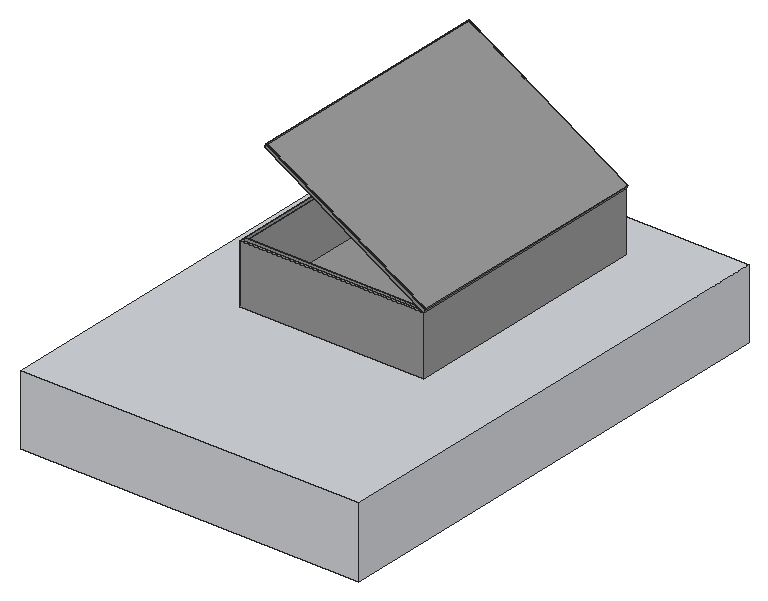
Revit family "Hager-Univers-IP55-D275-H1100-Cl.I-Steel_encl-AT-de", category Equipement électrique, Revit 2020
Family settings
  Hôte = Face
  Configuration du panneau = Deux colonnes, circuits au sein
  Cote de connecteur circulaire = Utiliser le diamètre
  Type d'élément = Tableau de raccordement
  Couper avec des vides une fois chargée = Non
  Partagée = Non
  Point de calcul de pièce = Non
Parameters (values of type "Aufputz IP55 B800 H1100 T275  - FR73E")
  Width Control [instance] = if([EF000008 - Breite] > Min Width, [EF000008 - Breite], Min Width)  # 800 mm
  Commentaires du type = [HG000003 - Bereich]  # "Univers"
  Thickness Door [instance] = if([EF009171 - Materialstärke Tür/Deckel] > 3 mm, 3 mm, [EF009171 - Materialstärke Tür/Deckel])  # 1.5 mm
  Seal Frame Offset [instance] = 17 mm  # constant formula
  Plinth Visibility [instance] = [HG000027 - Sockelhöhe] > 0 mm  # no
  Model = ""
  Min Width [instance] = 100 mm  # constant formula
  Min Height [instance] = 100 mm  # constant formula
  Min Depth [instance] = (2 * [EF009170 - Materialstärke Gehäuse]) + 1 mm  # 4 mm
  Internal Frame Depth [instance] = (Door System Depth * 0.5)  # 9 mm
  Height Control [instance] = if([EF000040 - Höhe] > Min Height, [EF000040 - Höhe], Min Height)  # 1100 mm
  HG000027 - Sockelhöhe = 0 mm
  HG000026 - Stehend auf dem Boden = no
  HG000024 - Höhe des unteren Teils = 800 mm
  HG000023 - Gehäuse mit doppeltem Querschnitt = no
  HG000016 - 3D-Türsichtbarkeit [instance] = yes
  HG000015 - Sichtbarkeit der Türöffnung [instance] = no
  HG000014 - Tür rechts [instance] = yes
  HG000013 - Tür links [instance] = not([HG000014 - Tür rechts])  # no
  HG000012 - Türschwenkwinkel [instance] = 30.00°
  HG000010 - Asymmetrische Türen = no
  HG000009 - Doppelflügeligen Tür = no
  HG000006 - Unterputz = no
  HG000004 - Herstellerreferenz = "FR73E"
  HG000003 - Bereich = "Univers"
  HG000002 - Mit tür = yes
  Frame Offset Bottom [instance] = 10 mm  # constant formula
  Frame Offset [instance] = 15 mm  # constant formula
  EF015940 - Deckel mit Überdruckentlastung = no
  EF011959 - Schutzart (NEMA) = ""
  EF009554 - Anzahl der Öffnungen für Flanschplatten = 6
  Fabricant = "Hager"  # constant formula
  EF009212 - Ausführung Deckel = "EV000116 - geschlossen"
  EF009171 - Materialstärke Tür/Deckel = 1.5 mm
  EF009170 - Materialstärke Gehäuse = 1.5 mm
  EF008873 - Nennstrom (In) = 800 A
  EF007800 - Geeignet für Blitzschutz = no
  EF006306 - Mit Schloss = no
  EF006244 - Transparenter Deckel/Tür = no
  EF005474 - Schutzart (IP) = "EV006420 - IP55"
  EF004464 - Art der Tür = "EV002646 - Einzel"
  EF004427 - Anzahl der Module = 252
  EF004293 - Schlagfestigkeit = "EV008784 - IK10"
  EF003532 - Geeignet für Außengebrauch = no
  EF002950 - Breite in Teilungseinheiten = 24
  EF001613 - Funktionserhalt = "EV000494 - ohne"
  EF001596 - Werkstoff des Gehäuses = "EV000179 - Stahl"
  EF001131 - Innentiefe = 275 mm
  EF001088 - Anbaumöglichkeit = yes
  EF000437 - Anzahl der Leitungseinführungen = 6
  EF000339 - Art der Abdeckung = "EV004216 - Tür"
  EF000266 - Anzahl der Reihen = 7
  EF000218 - Einbautiefe = 0 mm
  EF000118 - Mit Montageplatte = no
  EF000116 - RAL-Nummer = "7035"
  EF000049 - Tiefe = 275 mm
  EF000040 - Höhe = 1100 mm
  EF000008 - Breite = 800 mm
  EF000007 - Farbe = "EV000270 - grau"
  EF000003 - Montageart = "EV000384 - Aufputz"
  Door System Leaf Tolerance [instance] = 1.5 mm  # constant formula
  Door System Depth [instance] = 18 mm  # constant formula
  Door Height [instance] = Height Control - [HG000027 - Sockelhöhe]  # 1100 mm
  Depth Control [instance] = if([EF000049 - Tiefe] > Min Depth, [EF000049 - Tiefe], Min Depth)  # 275 mm
  Default Elevation = 0 mm
  Connector Offset [instance] = Height Control / 2  # 550 mm
  Bottom Top Plate Trim [instance] = 1.5 mm  # constant formula
  Plinth height Ctrl [instance] = if([HG000027 - Sockelhöhe] > 0 mm, [HG000027 - Sockelhöhe], 12 mm)  # 12 mm
Types (5, lengths in mm): name | Width Control | HG000010 - Asymmetrische Türen | HG000009 - Doppelflügeligen Tür | HG000004 - Herstellerreferenz | EF009554 - Anzahl der Öffnungen für Flanschplatten | EF004464 - Art der Tür | EF004427 - Anzahl der Module | EF000437 - Anzahl der Leitungseinführungen | EF000008 - Breite
  Aufputz IP55 B1050 H1100 T275  - FR74E | 1050 | no | yes | "FR74E" | 8 | "EV003602 - Doppel" | 336 | 8 | 1050
  Aufputz IP55 B1300 H1100 T275  - FR75E | 1300 | yes | yes | "FR75E" | 10 | "EV003602 - Doppel" | 420 | 10 | 1300
  Aufputz IP55 B300 H1100 T275  - FR71E | 300 | no | no | "FR71E" | 2 | "EV002646 - Einzel" | 84 | 2 | 300
  Aufputz IP55 B550 H1100 T275  - FR72E | 550 | no | no | "FR72E" | 4 | "EV002646 - Einzel" | 168 | 4 | 550
  Aufputz IP55 B800 H1100 T275  - FR73E | 800 | no | no | "FR73E" | 6 | "EV002646 - Einzel" | 252 | 6 | 800
Reference planes
  plane 1 "Center (Front/Back)": y = 0
  plane 2: z = 0
  plane 3 "Center (Left/Right)": x = 0
  plane 4: z = 275
  plane 5: y = 1.5
  plane 6: y = 550
  plane 7: y = 0
  plane 8: y = 1100
  plane 9: z = 0
  plane 10: x = -385
  plane 11: x = 385
  plane 12: x = 383.5
  plane 13: x = -383.5
  plane 14: y = 1098.5
  plane 15: x = -383
  plane 16: x = -400
  plane 17: x = 383
  plane 18: x = 400
  plane 19: x = 398.5
  plane 20: x = -398.5
  plane 21: y = 11.5
  plane 22: y = 1100
  plane 23: y = 1083.5
  plane 24: z = 257
  plane 25: z = 1.5
  plane 26: z = 255.5
  plane 27: z = 273.5
Forms (mm)
  Extrusion 1, solid
    sketch origin (0, 0, 0) x (1, 0, 0) y (0, 1, 0)
      loop
        line (-702.964, 1305) -> (-702.964, -811.445) -> (766.763, -811.445) -> (766.763, 1305) -> (-702.964, 1305)
    from 0 to -304.8
  Extrusion 2, solid, material "Hager_Steel_RAL7035_Light_Grey", visible <- "Plinth Visibility", detail levels medium+fine
    sketch origin (0, 0, 0) x (1, 0, 0) y (0, 1, 0)
      loop
        line (-400, 0) -> (400, 0) -> (400, 12) -> (-400, 12) -> (-400, 0)
    from 0 to 257
  Extrusion 3, solid, material "Hager_Steel_RAL7035_Light_Grey", detail levels medium+fine
    sketch origin (0, 0, 0) x (1, 0, 0) y (0, 1, 0)
      loop
        line (-400, 0) -> (400, 0) -> (400, 1100) -> (-400, 1100) -> (-400, 0)
    from 0 to 257
  Extrusion 4, void
    sketch origin (0, 0, 0) x (1, 0, 0) y (0, 1, 0)
      loop
        line (-398.5, 1.5) -> (398.5, 1.5) -> (398.5, 1098.5) -> (-398.5, 1098.5) -> (-398.5, 1.5)
    from 1.5 to 255.5
  Extrusion 5, void
    sketch origin (-381.607, -4572, 257) x (0, -1, 0) y (-1, 0, 0)
      loop
        line (-4583.5, 1.893) -> (-5655.5, 1.893) -> (-5655.5, -765.107) -> (-4583.5, -765.107) -> (-4583.5, 1.893)
    from 0 to 1.5 <- "EF009170 - Materialstärke Gehäuse"
  Extrusion 6, solid, material "Hager_Steel_RAL7035_Light_Grey", detail levels fine
    sketch origin (0, 0, 257) x (1, 0, 0) y (0, 1, 0)
      loop
        line (-383.5, 1083.5) -> (-383.5, 11.5) -> (383.5, 11.5) -> (383.5, 1083.5) -> (-383.5, 1083.5)
      loop
        line (-385, 10) -> (385, 10) -> (385, 1085) -> (-385, 1085) -> (-385, 10)
    from 0 to 9 <- "Internal Frame Depth"
  Extrusion 7, solid, material "Hager_Steel_RAL7035_Light_Grey", detail levels coarse
    sketch origin (0, 0, 0) x (1, 0, 0) y (0, 1, 0)
      loop
        line (-400, 0) -> (400, 0) -> (400, 1100) -> (-400, 1100) -> (-400, 0)
    from 0 to 275
  Sweep 8, void
    path in 3D
      loop
        line (-400, 12, 0) -> (400, 12, 0) -> (400, 12, 257) -> (-400, 12, 257) -> (-400, 12, 0)
    profile origin (-400, 12, 128.5) x (-1, 0, 0) y (0, -1, 0)
      loop
        line (0, 0) -> (0, 1.5) -> (-1.5, 1.5)
        arc (-1.5, 1.5) -> (-1.061, 0.439) -> (0, 0) r 1.5
Cuts and joins
  Extrusion 4, Extrusion 5 cuts Extrusion 3
  Sweep 8 cuts Extrusion 2
Lines and regions (mm)
  Masking region 1
    outline origin (0, 0, 0) x (1, 0, 0) y (0, 0, 1)
      loop
        line (-400, 275) -> (-400, 0) -> (400, 0) -> (400, 275) -> (-400, 275)
  Masking region 2, detail levels medium+fine
    outline origin (0, 140, 0) x (0, 1, 0) y (0, 0, 1)
      loop
        line (-140, 0) -> (960, 0) -> (960, 257) -> (-140, 257) -> (-140, 0)
  Masking region 3, not visible, detail levels medium+fine
    outline origin (0, 297.922, 0) x (0, 1, 0) y (0, 0, 1)
      loop
        line (263.578, 0) -> (303.578, 0) -> (303.578, 263.5)
        arc (303.578, 263.5) -> (300.649, 270.571) -> (293.578, 273.5) r 10
        line (293.578, 273.5) -> (263.578, 273.5) -> (263.578, 0)
  Masking region 4, detail levels coarse
    outline origin (0, 0, 180) x (0, 1, 0) y (0, 0, 1)
      loop
        line (0, -180) -> (1100, -180) -> (1100, 95) -> (0, 95) -> (0, -180)
  Masking region 5, visible <- "Plinth Visibility", detail levels medium+fine
    outline origin (0, 52.24, 12.345) x (0, 0, -1) y (0, 1, 0)
      loop
        line (10.845, -40.24) -> (-243.155, -40.24)
        arc (-243.155, -40.24) -> (-243.594, -41.301) -> (-244.655, -41.74) r 1.5
        line (-244.655, -41.74) -> (-244.655, -52.24) -> (12.345, -52.24) -> (12.345, -41.74)
        arc (12.345, -41.74) -> (11.285, -41.301) -> (10.845, -40.24) r 1.5
  Masking region 6, detail levels medium+fine
    outline origin (-381.607, -4572, 257) x (-1, 0, 0) y (0, -1, 0)
      loop
        line (18.393, -5672) -> (18.393, -4572) -> (-781.607, -4572) -> (-781.607, -5672) -> (18.393, -5672)
  Masking region 7, visible <- "Plinth Visibility", detail levels medium+fine
    outline origin (-381.607, -4727, 257) x (-1, 0, 0) y (0, -1, 0)
      loop
        arc (16.893, -4739) -> (17.332, -4737.939) -> (18.393, -4737.5) r 1.5
        line (18.393, -4737.5) -> (18.393, -4727) -> (-781.607, -4727) -> (-781.607, -4737.5)
        arc (-781.607, -4737.5) -> (-780.546, -4737.939) -> (-780.107, -4739) r 1.5
        line (-780.107, -4739) -> (16.893, -4739)
  Masking region 8, detail levels coarse
    outline origin (-442.548, -4669.526, 257) x (-1, 0, 0) y (0, -1, 0)
      loop
        line (-42.548, -5769.526) -> (-42.548, -4669.526) -> (-842.548, -4669.526) -> (-842.548, -5769.526) -> (-42.548, -5769.526)
  sketch lines
    curve 1: line (-400, 12, 257) -> (-400, 12, 0)
    curve 2: line (400, 12, 257) -> (-400, 12, 257)
    curve 3: line (400, 12, 257) -> (400, 12, 0)
    curve 4: line (-400, 12, 0) -> (400, 12, 0)
Dimensions and locks
  "Depth Control": plane 4 to Extrusion 1
  "HG000027 - Sockelhöhe": plane 1 "Center (Front/Back)" to plane 7
  "EF009170 - Materialstärke Gehäuse": plane 5 to plane 7
  locked: connector elem to plane 3 "Center (Left/Right)"
  equal spacing: plane 8, plane 6, plane 7
  locked: connector elem to plane 6
  "EF009170 - Materialstärke Gehäuse": plane 8 to plane 14
  "EF009170 - Materialstärke Gehäuse": plane 10 to plane 13
  "EF009170 - Materialstärke Gehäuse": plane 12 to plane 11
  "Frame Offset": plane 20 to plane 13
  "Frame Offset": plane 12 to plane 19
  "EF009170 - Materialstärke Gehäuse": plane 16 to plane 20
  "EF009170 - Materialstärke Gehäuse": plane 19 to plane 18
  "Seal Frame Offset": plane 16 to plane 15
  "Seal Frame Offset": plane 17 to plane 18
  "Frame Offset Bottom": plane 21 to plane 5
  "Frame Offset": plane 14 to plane 23
  equal spacing: plane 16, plane 3 "Center (Left/Right)", plane 18
  "Width Control": plane 16 to plane 18
  "EF009170 - Materialstärke Gehäuse": plane 4 to plane 27
  "EF009170 - Materialstärke Gehäuse": plane 24 to plane 26
  "EF009170 - Materialstärke Gehäuse": plane 25 to level
  "Door System Depth": plane 4 to plane 24
  "Height Control": plane 1 "Center (Front/Back)" to Extrusion 7 sketch curve
  "Height Control": Masking region 4 sketch curve to plane 1 "Center (Front/Back)"
  "Height Control": plane 1 "Center (Front/Back)" to plane 22
  "Bottom Top Plate Trim": profile plane to Sweep 8 sketch curve
  "Bottom Top Plate Trim": Sweep 8 sketch curve to profile plane
  "Plinth height Ctrl": plane 1 "Center (Front/Back)" to Extrusion 2 sketch curve
  "Plinth height Ctrl": Masking region 5 sketch curve to plane 1 "Center (Front/Back)"
  "Plinth height Ctrl": plane 1 "Center (Front/Back)" to Masking region 7 sketch curve
  "Thickness Door": Extrusion 6 sketch curve to Extrusion 6 sketch curve  (x3)
  "Thickness Door": cut or joined group of Extrusion 3, Extrusion 4, Extrusion 5 to Extrusion 6 sketch curve
  radius of Masking region 3 sketch curve = 10 mm
  "Bottom Top Plate Trim": radius of Masking region 5 sketch curve  (x2)
  "Bottom Top Plate Trim": radius of Sweep 8 sketch curve
  "Bottom Top Plate Trim": radius of Masking region 7 sketch curve  (x2)
  aligned and locked: plane 2 to Extrusion 1
  aligned and locked: level to Extrusion 1
  aligned and locked: level to Masking region 1 sketch curve
  aligned and locked: Masking region 1 sketch curve to plane 18
  aligned and locked: Masking region 1 sketch curve to plane 16
  aligned and locked: plane 7 to Masking region 2 sketch curve
  aligned and locked: level to Masking region 3 sketch curve
  aligned and locked: Masking region 3 sketch curve to plane 27
  aligned and locked: level to Masking region 2 sketch curve
  aligned and locked: plane 1 "Center (Front/Back)" to Extrusion 2 sketch curve
  aligned and locked: Extrusion 3 sketch curve to plane 7
  aligned and locked: plane 16 to Extrusion 3 sketch curve
  aligned and locked: plane 18 to Extrusion 3 sketch curve
  aligned and locked: plane 20 to Extrusion 4 sketch curve
  aligned and locked: plane 19 to Extrusion 4 sketch curve
  aligned and locked: Extrusion 4 sketch curve to plane 5
  aligned and locked: Extrusion 4 to plane 25
  aligned and locked: plane 26 to Extrusion 4
  aligned and locked: plane 24 to Extrusion 3
  aligned and locked: Extrusion 5 sketch curve to plane 21
  aligned and locked: Extrusion 5 sketch curve to plane 13
  aligned and locked: Extrusion 5 sketch curve to plane 12
  aligned and locked: plane 18 to Extrusion 7 sketch curve
  aligned and locked: plane 1 "Center (Front/Back)" to Extrusion 7 sketch curve
  aligned and locked: plane 16 to Extrusion 7 sketch curve
  aligned and locked: plane 4 to Extrusion 7
  aligned and locked: Extrusion 7 to level
  aligned and locked: level to Masking region 4 sketch curve
  aligned and locked: Masking region 4 sketch curve to plane 1 "Center (Front/Back)"
  aligned and locked: Masking region 4 sketch curve to plane 4
  aligned and locked: nested 1 to level
  aligned and locked: nested 1 to plane 16
  aligned and locked: plane 8 to Extrusion 3 sketch curve
  aligned and locked: plane 23 to Extrusion 5 sketch curve
  aligned and locked: plane 14 to Extrusion 4 sketch curve
  aligned and locked: Masking region 2 sketch curve to plane 8
  aligned and locked: level to Masking region 5 sketch curve
  aligned and locked: plane 16 to Extrusion 2 sketch curve
  aligned and locked: plane 18 to Extrusion 2 sketch curve
  aligned and locked: Masking region 5 sketch curve to plane 24
  aligned and locked: Masking region 2 sketch curve to plane 24
  aligned and locked: plane 24 to Extrusion 2
  aligned and locked: profile plane to Sweep 8 sketch curve  (x2)
  aligned and locked: Masking region 6 sketch curve to plane 18
  aligned and locked: Masking region 6 sketch curve to plane 22
  aligned and locked: Masking region 6 sketch curve to plane 16
  aligned and locked: plane 8 to plane 22
  aligned and locked: Masking region 6 sketch curve to plane 7
  aligned and locked: Masking region 7 sketch curve to plane 16
  aligned and locked: Masking region 7 sketch curve to plane 1 "Center (Front/Back)"
  aligned and locked: Masking region 7 sketch curve to plane 18
  aligned and locked: Masking region 8 sketch curve to plane 1 "Center (Front/Back)"
  aligned and locked: Masking region 8 sketch curve to plane 18
  aligned and locked: Masking region 8 sketch curve to plane 22
  aligned and locked: Masking region 8 sketch curve to plane 16
  aligned and locked: nested 2 to plane 7
  aligned and locked: plane 3 "Center (Left/Right)" to nested 2
  aligned and locked: nested 2 to plane 24
  aligned and locked: Extrusion 6 sketch curve to cut or joined group of Extrusion 3, Extrusion 4, Extrusion 5  (x4)
Automatic sketch dimensions
  Extrusion 1 sketch curve to Extrusion 1 sketch curve = 1469.727 mm
  Extrusion 1 sketch curve to Extrusion 1 sketch curve = 2116.445 mm
  Masking region 1 sketch curve to plane 4 = 0 mm
  plane 6 to Masking region 3 sketch curve = 11.5 mm
  Masking region 3 sketch curve to Masking region 3 sketch curve = 30 mm
  Masking region 5 sketch curve to plane 1 "Center (Front/Back)" = 0 mm
Nested families
  nested 1: "Hager_Enclosure_Symbol" at (-400, 0, 0) x (1, 0, 0) z (0, -1, 0), Height <- "Depth Control", Width <- "Width Control", type "Hager_Enclosure_Symbol"
    with Width_Ctrl 800 mm, Width 800 mm, Height_Ctrl 275 mm, Height 275 mm, A_Width_Int 18.047 mm, A_Width 216.562 mm, A_Height_Ctrl 240.625 mm, A_Height 240.625 mm
  nested 2: "EC000058_Univers_Door" at (0, 0, 257) x (1, 0, 0) z (0, 1, 0), Leaf_Tolerance <- "Door System Leaf Tolerance", Angle <- "HG000012 - Türschwenkwinkel", Door_Depth <- "Door System Depth", Door_Left <- "HG000013 - Tür links", Transparent <- "EF006244 - Transparenter Deckel/Tür", Assymetrical <- "HG000010 - Asymmetrische Türen", Width <- "Width Control", Clearance <- "HG000015 - Sichtbarkeit der Türöffnung", Double <- "HG000009 - Doppelflügeligen Tür", 3d_Door <- "HG000016 - 3D-Türsichtbarkeit", Lock_Visibility <- "EF006306 - Mit Schloss", Width_Ctrl <- "Width Control", Door_Right <- "HG000014 - Tür rechts", Door <- "HG000002 - Mit tür", Height <- "Door Height", Thickness <- "Thickness Door", type "EC000058_Univers_Door", detail levels medium+fine
    with min_wh 4 mm, Width_Ctrl 800 mm, Width 800 mm, Transparent no, Thickness 1.5 mm, Seal_Material Hager_Rubber, Lock_Visibility no, Lock_Material Hager_Plastic_RAL9005_Jet_Black, Leaf_Width 800 mm, Leaf_Tolerance_External_Sides 0 mm, Leaf_Tolerance 1.5 mm, Leaf_Offset 0 mm, Leaf_Height 1097 mm, Leaf_2_Width 800 mm, Leaf_2_Offset 400 mm, Leaf_1_Width 800 mm, Leaf_1_Offset 400 mm, Height_Ctrl 1100 mm, Height 1100 mm, Glass_Material Hager_Glass, Double_Clearance_Ctrl no, Double no, Door_Right_Ctrl yes, Door_Right yes, Door_Material Hager_Steel_RAL7035_Light_Grey, Door_Left_Ctrl no, Door_Left no, Door_Depth 18 mm, Door yes, Clearance_Material Hager_Clearance, Clearance_Depth 800 mm, Clearance_Ctrl no, Clearance no, Assymetrical no, Angle 30.00°, 3d_Door yes
Connectors
  electrical at (0, 550, 0)
    settings: on plane 9, index 1, voltage 0 V, apparent load 0 VA, apparent load phase1 0 VA, apparent load phase2 0 VA, apparent load phase3 0 VA, power factor 1, load classification "Other", number of poles 1, system type 30, power factor state 1, is connector primary yes, connector utility no, sub classification motor no, connector description ""
Definition of nested family "EC000058_Univers_Door"
  Parameters (values of type "EC000058_Univers_Door")
    min_wh [instance] = (2 * Thickness) + 1 mm  # 11 mm
    Width_Ctrl [instance] = 400 mm
    Width [instance] = 500 mm
    Transparent [instance] = yes
    Thickness [instance] = 5 mm
    Seal_Material [instance] = none
    Lock_Visibility [instance] = yes
    Lock_Material [instance] = none
    Leaf_Width [instance] = if((Width_Ctrl - 2 * Leaf_Tolerance_External_Sides) > 0 mm, (Width_Ctrl - 2 * Leaf_Tolerance_External_Sides), min_wh)  # 400 mm
    Leaf_Tolerance_External_Sides [instance] = 0 mm  # constant formula
    Leaf_Tolerance [instance] = 1.5 mm
    Leaf_Offset [instance] = 0 mm  # constant formula
    Leaf_Height [instance] = if((Height_Ctrl - 2 * Leaf_Tolerance) > 0 mm, (Height_Ctrl - 2 * Leaf_Tolerance), min_wh)  # 497 mm
    Leaf_2_Width [instance] = if(and(and(Double, Assymetrical), Door_Left), (Leaf_Width / 3) - (Leaf_Tolerance / 2), if(and(and(Double, Assymetrical), Door_Right), (Leaf_Width / 3) * 2 - (Leaf_Tolerance / 2), if(and(Double, not(Assymetrical)), (Leaf_Width / 2) - Leaf_Tolerance, Leaf_Width)))  # 400 mm
    Leaf_2_Offset [instance] = if(and(Double, Assymetrical), Leaf_2_Width / 2, if(and(Double, not(Assymetrical)), Leaf_Width / 4, Leaf_Width / 2))  # 200 mm
    Leaf_1_Width [instance] = if(and(and(Double, Assymetrical), Door_Right), (Leaf_Width / 3) - (Leaf_Tolerance / 2), if(and(and(Double, Assymetrical), Door_Left), (Width / 3) * 2 - (Leaf_Tolerance / 2), if(and(Double, not(Assymetrical)), (Leaf_Width / 2) - Leaf_Tolerance, Leaf_Width)))  # 400 mm
    Leaf_1_Offset [instance] = if(and(Double, Assymetrical), Leaf_1_Width / 2, if(and(Double, not(Assymetrical)), Leaf_Width / 4, Leaf_Width / 2))  # 200 mm
    Height_Ctrl [instance] = if(Height > min_wh, Height, min_wh)  # 500 mm
    Height [instance] = 500 mm
    Glass_Material [instance] = none
    Double_Clearance_Ctrl [instance] = and(Double, Clearance)  # no
    Double [instance] = no
    Door_Right_Ctrl [instance] = and(or(Door_Right, Double), Door)  # yes
    Door_Right [instance] = yes
    Door_Material [instance] = none
    Door_Left_Ctrl [instance] = and(or(Door_Left, Double), Door)  # no
    Door_Left [instance] = no
    Door_Depth [instance] = 30 mm
    Door [instance] = yes
    Default Elevation = 1219.2 mm
    Clearance_Material [instance] = none
    Clearance_Depth [instance] = if(Leaf_1_Width > Leaf_2_Width, Leaf_1_Width, Leaf_2_Width)  # 400 mm
    Clearance_Ctrl [instance] = and(not(Double), Clearance)  # yes
    Clearance [instance] = yes
    Assymetrical [instance] = yes
    Angle [instance] = 30.00°
    3d_Door [instance] = yes
  Reference planes
    plane 1 "Center (Front/Back)": y = 0
    plane 2 "Bottom": z = 0
    plane 3 "Center (Left/Right)": x = 0
    plane 4: z = 500
    plane 5: x = -200
    plane 6: x = 200
    plane 7: z = 500
    plane 8: x = -200
    plane 9: z = 0
    plane 10: x = 200
    plane 11: y = 0
    plane 12: z = 1.5
    plane 13: x = -600
    plane 14: y = -400
    plane 15: x = 600
    plane 16: x = 0
    plane 17: x = 0
    plane 18: x = -200
    plane 19: x = 200
    plane 20: z = 498.5
  Forms (mm)
    Extrusion 1, solid, material <- "Clearance_Material", visible <- "Double_Clearance_Ctrl"
      sketch origin (1200, 0, 0) x (1, 0, 0) y (0, 0, -1)
        loop
          line (-1800, -498.5) -> (-600, -498.5) -> (-600, 0) -> (-1800, 0) -> (-1800, -498.5)
      from 0 to -400
  Dimensions and locks
    equal spacing: plane 5, plane 3 "Center (Left/Right)", plane 6
    "Width_Ctrl": plane 5 to plane 6
    "Leaf_Offset": plane 5 to plane 8
    "Leaf_Offset": plane 6 to plane 10
    "Leaf_Offset": plane 9 to level
    "Leaf_Offset": plane 4 to plane 7
    "Height_Ctrl": plane 4 to level
    "Leaf_Tolerance": plane 12 to plane 9
    locked: plane 11 to plane 1 "Center (Front/Back)"
    "Leaf_1_Offset": plane 18 to plane 16
    "Leaf_2_Offset": plane 17 to plane 19
    "Leaf_1_Width": plane 13 to plane 8
    "Leaf_2_Width": plane 10 to plane 15
    "Clearance_Depth": plane 14 to plane 1 "Center (Front/Back)"
    "Leaf_Tolerance_External_Sides": plane 8 to plane 18
    "Leaf_Tolerance_External_Sides": plane 19 to plane 10
    "Leaf_Tolerance": plane 7 to plane 20
    aligned and locked: level to plane 2 "Bottom"
    aligned and locked: nested 1 to plane 16
    aligned and locked: nested 2 to plane 17
    aligned and locked: Extrusion 1 to plane 13
    aligned and locked: plane 15 to Extrusion 1
    aligned and locked: Extrusion 1 to plane 14
    aligned and locked: plane 12 to nested 1
    aligned and locked: nested 2 to plane 12
    aligned and locked: Extrusion 1 to plane 11
    aligned and locked: plane 20 to Extrusion 1
    aligned and locked: nested 2 to plane 11
    aligned and locked: nested 1 to plane 11
  Automatic sketch dimensions
    Extrusion 1 sketch curve to level = 0 mm
    plane 5 to Extrusion 1 sketch curve = 400 mm
    plane 6 to Extrusion 1 sketch curve = 400 mm
    Extrusion 1 sketch curve to plane 4 = 1.5 mm
  Nested families
    nested 1: "EC000058_Univers_Door_Leaf" at (0, 0, 1.5), Width <- "Leaf_1_Width", visible <- "Door_Left_Ctrl", Leaf_Height <- "Leaf_Height", Angle <- "Angle", 3d_Door <- "3d_Door", Transparent <- "Transparent", Clearance Material <- "Clearance_Material", Clearance <- "Clearance_Ctrl", Door_Material <- "Door_Material", Glass_Material <- "Glass_Material", Door_Depth <- "Door_Depth", Lock_Material <- "Lock_Material", Seal_Material <- "Seal_Material", Lock_Visibility <- "Lock_Visibility", Thickness <- "Thickness", type "EC000058_Univers_Door_Leaf"
      with Width 400 mm, Transparent_Glass_Offset 30 mm, Transparent_Ctrl yes, Transparent yes, Thickness 5 mm, Standard no, Seal_Material none, Seal_D2 8 mm, Seal_D1 1 mm, Offset_Internal_Frame 10 mm, Lock_Width 20 mm, Lock_Visibility_3d yes, Lock_Visibility yes, Lock_Thickness_3 3 mm, Lock_Thickness_2 1 mm, Lock_Thickness_1 3 mm, Lock_Radius_Offset_2 16 mm, Lock_Radius_Offset_1 15 mm, Lock_Radius_2 5 mm, Lock_Radius 6 mm, Lock_Offset 5 mm, Lock_Material none, Lock_Height 80 mm, Lock_Cover_Top_Offset_2d 17 mm, Lock_Cover_Height -65 mm, Leaf_Height 497 mm, Internal_Seal_Thickness 8 mm, Internal_Seal_Depth_2 4.5 mm, Internal_Frame_Depth 25 mm, Glass_Thickness -1 mm, Glass_Offset -2 mm, Glass_Material none, Door_Material none, Door_Depth 30 mm, Clearance Material none, Clearance yes, Angle_Ctrl 30.00°, Angle 30.00°, 3d_Door yes
    nested 2: "EC000058_Univers_Door_Leaf" at (0, 0, 1.5) x (-1, 0, 0) z (0, 0, 1), Width <- "Leaf_2_Width", visible <- "Door_Right_Ctrl", Leaf_Height <- "Leaf_Height", Angle <- "Angle", 3d_Door <- "3d_Door", Transparent <- "Transparent", Clearance Material <- "Clearance_Material", Clearance <- "Clearance_Ctrl", Door_Material <- "Door_Material", Glass_Material <- "Glass_Material", Door_Depth <- "Door_Depth", Lock_Material <- "Lock_Material", Seal_Material <- "Seal_Material", Lock_Visibility <- "Lock_Visibility", Thickness <- "Thickness", type "EC000058_Univers_Door_Leaf"
      with Width 400 mm, Transparent_Glass_Offset 30 mm, Transparent_Ctrl yes, Transparent yes, Thickness 5 mm, Standard no, Seal_Material none, Seal_D2 8 mm, Seal_D1 1 mm, Offset_Internal_Frame 10 mm, Lock_Width 20 mm, Lock_Visibility_3d yes, Lock_Visibility yes, Lock_Thickness_3 3 mm, Lock_Thickness_2 1 mm, Lock_Thickness_1 3 mm, Lock_Radius_Offset_2 16 mm, Lock_Radius_Offset_1 15 mm, Lock_Radius_2 5 mm, Lock_Radius 6 mm, Lock_Offset 5 mm, Lock_Material none, Lock_Height 80 mm, Lock_Cover_Top_Offset_2d 17 mm, Lock_Cover_Height -65 mm, Leaf_Height 497 mm, Internal_Seal_Thickness 8 mm, Internal_Seal_Depth_2 4.5 mm, Internal_Frame_Depth 25 mm, Glass_Thickness -1 mm, Glass_Offset -2 mm, Glass_Material none, Door_Material none, Door_Depth 30 mm, Clearance Material none, Clearance yes, Angle_Ctrl 30.00°, Angle 30.00°, 3d_Door yes
  Definition of nested family "EC000058_Univers_Door_Leaf"
    Parameters (values of type "EC000058_Univers_Door_Leaf")
      Width [instance] = 2000 mm
      Transparent_Glass_Offset [instance] = 30 mm
      Transparent_Ctrl [instance] = and(Transparent, [3d_Door])  # yes
      Transparent [instance] = yes
      Thickness [instance] = 5 mm
      Standard [instance] = and(not(Transparent), [3d_Door])  # no
      Seal_Material [instance] = none
      Seal_D2 [instance] = 8 mm  # constant formula
      Seal_D1 [instance] = 1 mm  # constant formula
      Offset_Internal_Frame [instance] = 10 mm  # constant formula
      Lock_Width [instance] = 20 mm  # constant formula
      Lock_Visibility_3d [instance] = and(Lock_Visibility, [3d_Door])  # yes
      Lock_Visibility [instance] = yes
      Lock_Thickness_3 [instance] = 3 mm  # constant formula
      Lock_Thickness_2 [instance] = 1 mm  # constant formula
      Lock_Thickness_1 [instance] = 3 mm  # constant formula
      Lock_Radius_Offset_2 [instance] = Lock_Radius_Offset_1 + 1 mm  # 16 mm
      Lock_Radius_Offset_1 [instance] = 15 mm  # constant formula
      Lock_Radius_2 [instance] = Lock_Radius - 1 mm  # 5 mm
      Lock_Radius [instance] = 6 mm  # constant formula
      Lock_Offset [instance] = 5 mm  # constant formula
      Lock_Material [instance] = none
      Lock_Height [instance] = 80 mm  # constant formula
      Lock_Cover_Top_Offset_2d [instance] = Lock_Radius_Offset_2 + 1 mm  # 17 mm
      Lock_Cover_Height [instance] = -(Lock_Height - Lock_Radius_Offset_1)  # -65 mm
      Leaf_Height [instance] = 2720.336 mm
      Internal_Seal_Thickness [instance] = 8 mm  # constant formula
      Internal_Seal_Depth_2 [instance] = 4.5 mm  # constant formula
      Internal_Frame_Depth [instance] = if(Door_Depth - Thickness > 5 mm, Door_Depth - Thickness, 5 mm)  # 25 mm
      Glass_Thickness [instance] = if(Thickness > 15 mm, Glass_Offset + 10 mm, -1 mm)  # -1 mm
      Glass_Offset [instance] = if(Thickness > 15 mm, -(Thickness + 10 mm) / 2, -2 mm)  # -2 mm
      Glass_Material [instance] = none
      Door_Material [instance] = none
      Door_Depth [instance] = 30 mm
      Default Elevation = 0 mm
      Clearance Material [instance] = none
      Clearance [instance] = yes
      Angle_Ctrl [instance] = if(Angle > 180.00°, 180.00°, Angle)  # 90.00°
      Angle [instance] = 90.00°
      3d_Door [instance] = yes
    Reference planes
      plane 1 "Center (Front/Back)": y = 0
      plane 2: z = 0
      plane 3 "Center (Left/Right)": x = 0
      plane 4: y = 2000
      plane 5: x = -1000
      plane 6: x = 1000
      plane 7: x = -3000
      plane 8: z = 2720.336
      plane 9: z = 30
      plane 10: z = 2690.336
      plane 11: x = 970
      plane 12: x = -970
      plane 13: y = -3
      plane 14: z = 107.833
      plane 15: y = -5
      plane 16: y = -223.314
      plane 17: x = -1000
      plane 18: z = 1360.168
      plane 19: y = 30
    Forms (mm)
      Extrusion 1, solid, material <- "Clearance Material", visible <- "Clearance"
        sketch origin (0, 0, 0) x (1, 0, 0) y (0, 0, 1)
          loop
            line (-3000, 2720.336) -> (-3000, 0) -> (1000, 0) -> (1000, 2720.336) -> (-3000, 2720.336)
        from 0 to -2000
      Extrusion 2, solid, material <- "Door_Material", visible <- "Standard", detail levels medium+fine
        sketch origin (-1000, 0, 0) x (0, 1, 0) y (-1, 0, 0)
          loop
            line (0, 30) -> (0, 25) -> (2000, 25) -> (2000, 30) -> (0, 30)
        from 0 to 2720.336 <- "Leaf_Height"
      Extrusion 3, solid, material <- "Door_Material", visible <- "Transparent_Ctrl", detail levels medium+fine
        sketch origin (-1000, 0, 0) x (0, 1, 0) y (-1, 0, 0)
          loop
            line (0, 25) -> (2000, 25) -> (2000, 30) -> (0, 30) -> (0, 25)
        from 0 to 2720.336 <- "Leaf_Height"
      Extrusion 4, void
        sketch origin (-1025, 2000, 0) x (0, 1, 0) y (0, 0, -1)
          loop
            line (-30, -2690.336) -> (-30, -30) -> (-1970, -30) -> (-1970, -2690.336) -> (-30, -2690.336)
        from 0 to 5 <- "Thickness"
      Sweep 5, solid, material <- "Seal_Material", visible <- "Transparent_Ctrl", detail levels fine
        path in 3D
          loop
            line (-1025, 30, 30) -> (-1025, 30, 2690.336) -> (-1025, 1970, 2690.336) -> (-1025, 1970, 30) -> (-1025, 30, 30)
        profile origin (-1025, 1000, 30) x (1, 0, 0) y (0, 0, 1)
          loop
            line (0, 0) -> (0, -8) -> (1, -8) -> (1, 0) -> (0, 0)
      Extrusion 6, solid, material <- "Glass_Material", visible <- "Transparent_Ctrl", detail levels medium+fine
        sketch origin (-1030, 0, 0) x (0, 1, 0) y (0, 0, -1)
          loop
            line (1970, -2690.336) -> (1970, -30) -> (30, -30) -> (30, -2690.336) -> (1970, -2690.336)
        from -2 <- "Glass_Offset" to -1 <- "Glass_Thickness"
      Extrusion 7, solid, material <- "Door_Material", visible <- "3d_Door", detail levels medium+fine
        sketch origin (-1025, 2000, 0) x (0, -1, 0) y (0, 0, -1)
          loop
            line (0, -2720.336) -> (2000, -2720.336) -> (2000, 0) -> (0, 0) -> (0, -2720.336)
          loop
            line (1995, -5) -> (5, -5) -> (5, -2715.336) -> (1995, -2715.336) -> (1995, -5)
        from 0 to 25 <- "Internal_Frame_Depth"
      Sweep 8, solid, material <- "Seal_Material", visible <- "Transparent_Ctrl", detail levels fine
        path in 3D
          loop
            line (-1025, 0, 0) -> (-1025, 2000, 0) -> (-1025, 2000, 2720.336) -> (-1025, 0, 2720.336) -> (-1025, 0, 0)
        profile origin (-1025, 0, 1360.168) x (1, 0, 0) y (0, 1, 0)
          loop
            line (0, 10) -> (2.975, 10)
            arc (2.975, 10) -> (4.053, 10.447) -> (4.5, 11.525) r 1.525
            line (4.5, 11.525) -> (4.5, 16.527)
            arc (4.5, 16.527) -> (4.069, 17.569) -> (3.027, 18) r 1.473
            line (3.027, 18) -> (0, 18) -> (0, 10)
      Extrusion 9, solid, material <- "Lock_Material", visible <- "Lock_Visibility_3d", detail levels fine
        sketch origin (-1030, 0, 0) x (0, 1, 0) y (0, 0, -1)
          loop
            arc (1993.5, -1400.168) -> (1994.561, -1399.729) -> (1995, -1398.668) r 1.5
            line (1995, -1398.668) -> (1995, -1320.168) -> (1975, -1320.168) -> (1975, -1398.668)
            arc (1975, -1398.668) -> (1975.439, -1399.729) -> (1976.5, -1400.168) r 1.5
            line (1976.5, -1400.168) -> (1993.5, -1400.168)
        from 3 <- "Lock_Thickness_1" to 0
      Blend 10, solid, material <- "Lock_Material", visible <- "Lock_Visibility_3d", detail levels fine
        base sketch origin (-1033, 0, 0) x (0, 1, 0) y (0, 0, -1)
          loop
            line (1975, -1320.168) -> (1975, -1398.668)
            arc (1975, -1398.668) -> (1975.439, -1399.729) -> (1976.5, -1400.168) r 1.5
            line (1976.5, -1400.168) -> (1993.5, -1400.168)
            arc (1993.5, -1400.168) -> (1994.561, -1399.729) -> (1995, -1398.668) r 1.5
            line (1995, -1398.668) -> (1995, -1320.168) -> (1975, -1320.168)
        top sketch origin (-1033, 0, 0) x (0, 1, 0) y (0, 0, -1)
          loop
            line (1976, -1320.168) -> (1976, -1398.668)
            arc (1976, -1398.668) -> (1976.146, -1399.022) -> (1976.5, -1399.168) r 0.5
            line (1976.5, -1399.168) -> (1993.5, -1399.168)
            arc (1993.5, -1399.168) -> (1993.854, -1399.022) -> (1994, -1398.668) r 0.5
            line (1994, -1398.668) -> (1994, -1320.168) -> (1976, -1320.168)
        from 0 to 1 <- "Lock_Thickness_2"
      Blend 11, solid, material <- "Lock_Material", visible <- "Lock_Visibility_3d", detail levels fine
        base sketch origin (-1034, 0, 0) x (0, 1, 0) y (0, 0, -1)
          loop
            line (1978, -1320.168) -> (1978, -1384.168)
            arc (1978, -1384.168) -> (1985, -1391.168) -> (1992, -1384.168) r 7
            line (1992, -1384.168) -> (1992, -1320.168) -> (1978, -1320.168)
        top sketch origin (-1034, 0, 0) x (0, 1, 0) y (0, 0, -1)
          loop
            line (1991, -1320.168) -> (1979, -1320.168) -> (1979, -1383.168)
            arc (1979, -1383.168) -> (1985, -1389.168) -> (1991, -1383.168) r 6
            line (1991, -1383.168) -> (1991, -1320.168)
        from 0 to 3 <- "Lock_Thickness_3"
      Extrusion 12, solid, material <- "Lock_Material", visible <- "Lock_Visibility_3d", detail levels fine
        sketch origin (-1030, 1975, 1320.168) x (1, 0, 0) y (0, -1, 0)
          loop
            line (-7, -19) -> (-7, -1) -> (0, -1) -> (0, 0) -> (-8, 0) -> (-8, -20) -> (0, -20) -> (0, -19) -> (-7, -19)
        from 0 to -65 <- "Lock_Cover_Height"
      Extrusion 13, void
        sketch origin (-1038, 1995, 1320.168) x (-1, 0, 0) y (0, 0, -1)
          loop
            line (-5, -65) -> (0, -65) -> (-5, -60) -> (-5, -65)
        from 0 to 20 <- "Lock_Width"
      Extrusion 14, void
        sketch origin (-1038, 1975, 1320.168) x (0, -1, 0) y (0, 0, -1)
          loop
            circle (-10, -15.995) r 6
          loop
            circle (-10, -15.995) r 5
        from 0 to 2
      Extrusion 15, solid, material <- "Lock_Material", visible <- "Lock_Visibility_3d", detail levels medium
        sketch origin (-1030, 0, 0) x (0, 1, 0) y (0, 0, -1)
          loop
            arc (1993.5, -1400.168) -> (1994.561, -1399.729) -> (1995, -1398.668) r 1.5
            line (1995, -1398.668) -> (1995, -1320.168) -> (1975, -1320.168) -> (1975, -1398.668)
            arc (1975, -1398.668) -> (1975.439, -1399.729) -> (1976.5, -1400.168) r 1.5
            line (1976.5, -1400.168) -> (1993.5, -1400.168)
        from 8 to 0
    Cuts and joins
      Extrusion 4 cuts Extrusion 3
      Extrusion 13, Extrusion 14 cuts Extrusion 9
      Extrusion 14 cuts Blend 11
      Extrusion 13, Extrusion 14 cuts Extrusion 12
      joined: Extrusion 9, Blend 10, Blend 11, Extrusion 12
      Extrusion 14 cuts Extrusion 15
    Lines and regions (mm)
      Masking region 1, visible <- "Lock_Visibility", detail levels fine
        outline origin (0, 0, 0) x (0, 1, 0) y (0, 0, 1)
          loop
            line (30, 1320.168) -> (33, 1320.168) -> (33, 1400.168) -> (30, 1400.168) -> (30, 1320.168)
      Masking region 2, visible <- "Lock_Visibility", detail levels fine
        outline origin (0, 3.143, 0) x (0, 1, 0) y (0, 0, 1)
          loop
            line (29.857, 1354.168) -> (30.857, 1354.168) -> (30.857, 1366.168) -> (29.857, 1366.168) -> (29.857, 1354.168)
      Masking region 3, detail levels medium+fine
        outline origin (0, 0, 0) x (0, 1, 0) y (0, 0, 1)
          loop
            line (0, 0) -> (30, 0) -> (30, 2720.336) -> (0, 2720.336) -> (0, 0)
      Masking region 4, detail levels medium+fine
        outline origin (0, 0, 0) x (1, 0, 0) y (0, 0, 1)
          loop
            line (-1000, 2720.336) -> (-1000, 0) -> (1000, 0) -> (1000, 2720.336) -> (-1000, 2720.336)
      Masking region 5, visible <- "Lock_Visibility", detail levels fine
        outline origin (-47.116, 0, 0) x (1, 0, 0) y (0, 0, 1)
          loop
            arc (1024.616, 1399.168) -> (1023.556, 1398.729) -> (1023.116, 1397.668) r 1.5
            line (1023.116, 1397.668) -> (1023.116, 1320.168) -> (1041.116, 1320.168) -> (1041.116, 1397.668)
            arc (1041.116, 1397.668) -> (1040.677, 1398.729) -> (1039.616, 1399.168) r 1.5
            line (1039.616, 1399.168) -> (1024.616, 1399.168)
      Masking region 6, visible <- "Lock_Visibility", detail levels medium+fine
        outline origin (-25, 0, 0) x (1, 0, 0) y (0, 0, 1)
          loop
            arc (1001.5, 1400.168) -> (1000.439, 1399.729) -> (1000, 1398.668) r 1.5
            line (1000, 1398.668) -> (1000, 1320.168) -> (1020, 1320.168) -> (1020, 1398.668)
            arc (1020, 1398.668) -> (1019.561, 1399.729) -> (1018.5, 1400.168) r 1.5
            line (1018.5, 1400.168) -> (1001.5, 1400.168)
      Masking region 7, visible <- "Lock_Visibility", detail levels fine
        outline origin (-73.735, 0, 0) x (1, 0, 0) y (0, 0, 1)
          loop
            line (1051.735, 1382.168) -> (1065.735, 1382.168) -> (1065.735, 1384.168)
            arc (1065.735, 1384.168) -> (1058.735, 1391.168) -> (1051.735, 1384.168) r 7
            line (1051.735, 1384.168) -> (1051.735, 1382.168)
      Masking region 8, visible <- "Lock_Visibility", detail levels fine
        outline origin (-73.735, 0, 0) x (1, 0, 0) y (0, 0, 1)
          loop
            line (1052.735, 1382.168) -> (1064.735, 1382.168) -> (1064.735, 1383.168)
            arc (1064.735, 1383.168) -> (1058.735, 1389.168) -> (1052.735, 1383.168) r 6
            line (1052.735, 1383.168) -> (1052.735, 1382.168)
      Masking region 9, visible <- "Lock_Visibility", detail levels fine
        outline origin (-25, 0, 0) x (1, 0, 0) y (0, 0, 1)
          loop
            line (1020, 1320.168) -> (1020, 1382.168) -> (1000, 1382.168) -> (1000, 1320.168) -> (1020, 1320.168)
      Masking region 10, detail levels medium+fine
        outline origin (0, 0, 0) x (1, 0, 0) y (0, 0, 1)
          loop
            circle (985, 1335.144) r 6
      Masking region 11, detail levels fine
        outline origin (0, 0, 0) x (1, 0, 0) y (0, 0, 1)
          loop
            circle (985, 1335.144) r 5
      Masking region 12, visible <- "Lock_Visibility", detail levels fine
        outline origin (0, 12.767, 0) x (0, 1, 0) y (0, 0, 1)
          loop
            line (20.233, 1320.168) -> (21.233, 1320.168) -> (21.233, 1399.168) -> (20.233, 1400.168) -> (20.233, 1320.168)
      Masking region 13, visible <- "Lock_Visibility", detail levels fine
        outline origin (0, 13.767, -10) x (0, 1, 0) y (0, 0, 1)
          loop
            line (20.233, 1330.168) -> (23.233, 1330.168) -> (23.233, 1399.168) -> (20.233, 1402.168) -> (20.233, 1330.168)
      Masking region 14, visible <- "Lock_Visibility", detail levels fine
        outline origin (0, 12.767, -10) x (0, 1, 0) y (0, 0, 1)
          loop
            line (20.233, 1330.168) -> (25.233, 1330.168) -> (25.233, 1399.305) -> (20.233, 1394.305) -> (20.233, 1330.168)
      Masking region 15, visible <- "Lock_Visibility", detail levels medium
        outline origin (0, 0, 0) x (0, 1, 0) y (0, 0, 1)
          loop
            line (30, 1320.168) -> (38, 1320.168) -> (38, 1400.168) -> (30, 1400.168) -> (30, 1320.168)
      Masking region 16, visible <- "Lock_Visibility", detail levels fine
        outline origin (-1000, 0, 0) x (0, 1, 0) y (-1, 0, 0)
          loop
            line (1975, 30) -> (1995, 30) -> (1995, 38) -> (1975, 38) -> (1975, 30)
          loop
            line (1979, 37) -> (1976, 37) -> (1976, 34) -> (1978, 34) -> (1979, 37)
          loop
            line (1994, 37) -> (1991, 37) -> (1992, 34) -> (1994, 34) -> (1994, 37)
      Masking region 17, visible <- "Lock_Visibility", detail levels medium
        outline origin (-1000, 0, 0) x (0, 1, 0) y (-1, 0, 0)
          loop
            line (1975, 30) -> (1995, 30) -> (1995, 38) -> (1975, 38) -> (1975, 30)
      symbolic lines
        curve 1: line (1000, 0, 0) -> (-3000, 0, 0)
        curve 2: arc (1000, 0, 0) -> (-1000, 2000, 0) -> (-3000, 0, 0) r 2000
        curve 4: line (-1030, 0, 0) -> (-1030, 2000, 0)
      reference lines
        curve 3: line (-1000, 0, 0) -> (-1000, 2000, 0)
      symbolic lines, detail levels medium+fine
        curve 5: line (-1030, 2000, 0) -> (-1025, 2000, 0)
        curve 7: line (-1025, 0, 0) -> (-1030, 0, 0)
        curve 8: line (-1025, 0, 0) -> (-1000, 0, 0)
        curve 9: line (-1000, 0, 0) -> (-1000, 2000, 0)
        curve 10: line (-1000, 2000, 0) -> (-1025, 2000, 0)
      symbolic lines, detail levels fine
        curve 6: line (-1025, 2000, 0) -> (-1025, 0, 0)
      sketch lines
        curve 11: line (-1025, 0, 2720.336) -> (-1025, 0, 0)
        curve 12: line (-1025, 2000, 0) -> (-1025, 0, 0)
        curve 13: line (-1025, 2000, 2720.336) -> (-1025, 2000, 0)
        curve 14: line (-1025, 0, 2720.336) -> (-1025, 2000, 2720.336)
        curve 15: line (-1025, 1970, 30) -> (-1025, 30, 30)
        curve 16: line (-1025, 30, 30) -> (-1025, 30, 2690.336)
        curve 17: line (-1025, 1970, 2690.336) -> (-1025, 1970, 30)
        curve 18: line (-1025, 30, 2690.336) -> (-1025, 1970, 2690.336)
      symbolic lines, visible <- "Transparent", detail levels medium+fine
        curve 19: line (-970, 0, 2690.336) -> (970, 0, 2690.336)
        curve 20: line (-970, 0, 30) -> (-970, 0, 2690.336)
        curve 21: line (970, 0, 30) -> (-970, 0, 30)
        curve 22: line (970, 0, 2690.336) -> (970, 0, 30)
    Dimensions and locks
      "Width": plane 1 "Center (Front/Back)" to plane 4
      equal spacing: plane 5, plane 3 "Center (Left/Right)", plane 6
      "Width": plane 5 to plane 6
      "Width": plane 7 to plane 5
      "Leaf_Height": plane 8 to level
      "Width": curve 5 to curve 3
      "Width": curve 3 to curve 3
      plane 8 to plane 10 = 30 mm
      plane 9 to level = 30 mm
      plane 12 to plane 5 = 30 mm
      plane 6 to plane 11 = 30 mm
      Extrusion 1 to Extrusion 4 sketch curve = 30 mm
      "Transparent_Glass_Offset": curve 3 to Extrusion 4 sketch curve
      "Transparent_Glass_Offset": Extrusion 4 sketch curve to cut or joined group of Extrusion 3, Extrusion 4  (x2)
      cut or joined group of Extrusion 3, Extrusion 4 to Extrusion 6 sketch curve = 30 mm
      "Transparent_Glass_Offset": cut or joined group of Extrusion 3, Extrusion 4 to Extrusion 4 sketch curve
      "Thickness": curve 6 to curve 4
      "Thickness": Extrusion 7 sketch curve to Extrusion 7 sketch curve  (x4)
      "Door_Depth": curve 4 to curve 3
      "Offset_Internal_Frame": profile plane to Sweep 8 sketch curve
      "Internal_Seal_Thickness": Sweep 8 sketch curve to Sweep 8 sketch curve
      "Internal_Seal_Depth_2": profile plane to Sweep 8 sketch curve
      "Seal_D1": profile plane to Sweep 5 sketch curve
      "Seal_D2": profile plane to Sweep 5 sketch curve
      "Thickness": Extrusion 2 sketch curve to Extrusion 2 sketch curve
      equal spacing: Extrusion 9 sketch curve, plane 18, Extrusion 9 sketch curve  (x2)
      equal spacing: Masking region 1 sketch curve, plane 18, Masking region 1 sketch curve
      "Lock_Height": Masking region 1 sketch curve to Masking region 1 sketch curve
      "Lock_Radius": Masking region 2 sketch curve to plane 18 to Masking region 2 sketch curve
      Masking region 2 sketch curve to Masking region 1 = 1 mm
      "Door_Depth": plane 19 to plane 1 "Center (Front/Back)"
      "Lock_Thickness_1": Masking region 1 sketch curve to plane 19
      "Lock_Width": Extrusion 9 sketch curve to Extrusion 9 sketch curve
      "Lock_Height": Extrusion 9 sketch curve to Extrusion 9 sketch curve
      "Lock_Offset": cut or joined group of Extrusion 3, Extrusion 4 to Extrusion 9 sketch curve
      equal spacing: plane 8, plane 18, level
      "Lock_Radius_Offset_1": Blend 11 sketch curve to Blend 10
      locked: Blend 10 to Blend 11 sketch curve at 2  (x2)
      locked: var sketch to Blend 11 sketch curve at 1  (x2)
      "Lock_Radius_Offset_2": Blend 11 sketch curve to Blend 10
      locked: Extrusion 12 sketch curve to Extrusion 12 sketch curve at 1  (x3)
      Masking region 6 sketch curve to Masking region 6 sketch curve = 80 mm
      "Lock_Height": Masking region 6 sketch curve to Masking region 6 sketch curve
      "Lock_Width": Masking region 6 sketch curve to Masking region 6 sketch curve
      locked: Masking region 6 to Masking region 5 sketch curve at 1  (x3)
      locked: Masking region 5 to Masking region 7 sketch curve at 2  (x2)
      "Lock_Radius_Offset_1": Masking region 5 to Masking region 7 sketch curve
      "Lock_Radius_Offset_2": Masking region 5 to Masking region 8 sketch curve
      locked: Masking region 7 to Masking region 8 sketch curve at 1  (x2)
      "Lock_Cover_Top_Offset_2d": Masking region 5 to Masking region 9 sketch curve
      equal spacing: Masking region 9, Masking region 10 sketch curve, Masking region 9
      equal spacing: Masking region 9, Masking region 11 sketch curve, Masking region 9
      Extrusion 15 sketch curve to Extrusion 15 sketch curve = 80 mm
      "Lock_Width": Extrusion 15 sketch curve to Extrusion 15 sketch curve
      "Lock_Height": Extrusion 15 sketch curve to Extrusion 15 sketch curve
      equal spacing: Extrusion 15 sketch curve, plane 18, Extrusion 15 sketch curve
      "Lock_Thickness_3": Masking region 13 sketch curve to Masking region 13 sketch curve
      "Lock_Height": Masking region 12 sketch curve to Masking region 12 sketch curve
      locked: Masking region 13 sketch curve to Masking region 1 at 8
      locked: Masking region 14 sketch curve to Masking region 13 at 1
      locked: Masking region 14 sketch curve to Masking region 1 at 10.863
      "Lock_Height": Masking region 15 sketch curve to Masking region 15 sketch curve
      "Lock_Offset": Extrusion 15 sketch curve to cut or joined group of Extrusion 3, Extrusion 4
      "Lock_Offset": plane 6 to Masking region 6 sketch curve
      radius of Sweep 8 sketch curve = 1.525 mm
      radius of Sweep 8 sketch curve = 1.473 mm
      radius of Extrusion 9 sketch curve = 1.5 mm  (x2)
      "Lock_Radius": radius of Extrusion 14 sketch curve
      "Lock_Radius_2": radius of Extrusion 14 sketch curve
      "Lock_Radius": radius of Masking region 10 sketch curve
      "Lock_Radius_2": radius of Masking region 11 sketch curve
      radius of Extrusion 15 sketch curve = 1.5 mm  (x2)
      "Angle_Ctrl": angle plane 1 "Center (Front/Back)" to curve 3
      locked: Masking region 12 sketch curve to Masking region 12 sketch curve (angle 45.00°)
      locked: Masking region 13 sketch curve to Masking region 13 sketch curve (angle 45.00°)
      locked: Masking region 14 sketch curve to Masking region 14 sketch curve (angle 45.00°)
      aligned and locked: level to plane 2
      aligned and locked: Extrusion 1 to curve 1
      aligned and locked: plane 6 to Extrusion 1
      aligned and locked: Extrusion 1 to plane 1 "Center (Front/Back)"
      aligned and locked: plane 4 to Extrusion 1
      aligned and locked: plane 8 to Extrusion 1
      aligned and locked: curve 7 to Extrusion 2 sketch curve
      aligned and locked: curve 5 to Extrusion 2 sketch curve
      aligned and locked: curve 7 to Extrusion 3 sketch curve
      aligned and locked: Extrusion 3 sketch curve to curve 4
      aligned and locked: Extrusion 3 sketch curve to curve 6
      aligned and locked: Extrusion 3 sketch curve to curve 5
      aligned and locked: curve 9 to curve 3
      aligned and locked: Extrusion 7 sketch curve to cut or joined group of Extrusion 3, Extrusion 4  (x4)
      aligned and locked: plane 17 to curve 3
      aligned and locked: plane 1 "Center (Front/Back)" to curve 3
      aligned and locked: plane 17 to plane 5
      aligned and locked: Sweep 8 sketch curve to profile plane
      aligned and locked: Sweep 5 sketch curve to profile plane  (x2)
      aligned and locked: Masking region 1 to Masking region 2 sketch curve
      aligned and locked: plane 19 to Masking region 1 sketch curve
      aligned and locked: plane 1 "Center (Front/Back)" to Masking region 3 sketch curve
      aligned and locked: plane 19 to Masking region 3 sketch curve
      aligned and locked: level to Masking region 3 sketch curve
      aligned and locked: Masking region 3 sketch curve to plane 8
      aligned and locked: plane 17 to Masking region 4 sketch curve
      aligned and locked: level to Masking region 4 sketch curve
      aligned and locked: Masking region 4 sketch curve to plane 8
      aligned and locked: plane 12 to curve 20
      aligned and locked: plane 10 to curve 19
      aligned and locked: plane 11 to curve 22
      aligned and locked: curve 21 to plane 9
      aligned and locked: Extrusion 2 sketch curve to cut or joined group of Extrusion 3, Extrusion 4
      aligned and locked: Blend 10 sketch curve to Extrusion 9  (x4)
      aligned and locked: Extrusion 9 to Blend 10 sketch curve
      aligned and locked: Blend 10 to Blend 11 sketch curve
      aligned and locked: Extrusion 12 sketch curve to Blend 11
      aligned and locked: Extrusion 12 sketch curve to Extrusion 9  (x4)
      aligned and locked: Masking region 5 sketch curve to Masking region 6
      aligned and locked: Masking region 9 sketch curve to Masking region 6  (x3)
      aligned and locked: Masking region 12 sketch curve to Masking region 1
      aligned and locked: Masking region 13 sketch curve to Masking region 1
      aligned and locked: Masking region 12 to Masking region 14
      aligned and locked: Masking region 14 sketch curve to Masking region 1
      aligned and locked: Masking region 15 sketch curve to Masking region 14
      aligned and locked: Masking region 13 sketch curve to Masking region 12
      aligned and locked: Masking region 16 sketch curve to cut or joined group of Extrusion 14, Extrusion 15  (x4)
      aligned and locked: Masking region 16 sketch curve to cut or joined group of Extrusion 9, Blend 10, Blend 11, Extrusion 12, Extrusion 13, Extrusion 14  (x6)
      aligned and locked: cut or joined group of Extrusion 9, Blend 10, Blend 11, Extrusion 12, Extrusion 13, Extrusion 14 to Masking region 16 sketch curve
      aligned and locked: Masking region 17 sketch curve to cut or joined group of Extrusion 14, Extrusion 15  (x3)
      aligned and locked: Masking region 17 sketch curve to cut or joined group of Extrusion 9, Blend 10, Blend 11, Extrusion 12, Extrusion 13, Extrusion 14
      aligned and locked: Masking region 9 to Masking region 8 sketch curve
      aligned and locked: Masking region 9 to Masking region 7 sketch curve
    Automatic sketch dimensions
      plane 1 "Center (Front/Back)" to curve 2 = 0 mm
      curve 2 to plane 5 = 0 mm
      Extrusion 1 sketch curve to level = 0 mm
      Extrusion 1 sketch curve to plane 7 = 0 mm
      Extrusion 1 sketch curve to plane 6 = 0 mm
      Extrusion 1 sketch curve to plane 8 = 0 mm
      Extrusion 3 to Extrusion 6 sketch curve = 30 mm  (x4)
      Masking region 4 sketch curve to plane 6 = 0 mm
      Blend 10 sketch curve to Extrusion 9 = 1.5 mm
      Blend 10 sketch curve to Extrusion 9 = 1 mm
      Extrusion 13 sketch curve to Extrusion 12 = 0 mm  (x2)
      Extrusion 12 to Extrusion 13 sketch curve = 3 mm
      Extrusion 13 sketch curve to Extrusion 12 = 5 mm
      Extrusion 14 sketch curve to Extrusion 14 sketch curve = 0 mm  (x2)
      Extrusion 14 sketch curve to Extrusion 12 = 10 mm
      Extrusion 14 sketch curve to Extrusion 12 = 15.995 mm
      Masking region 5 sketch curve to Masking region 5 sketch curve = 1.5 mm  (x2)
      Masking region 10 sketch curve to plane 18 = 25.024 mm
      Masking region 11 sketch curve to plane 18 = 25.024 mm
      plane 19 to Masking region 14 sketch curve = 3 mm
      Masking region 16 sketch curve to Masking region 16 sketch curve = 3 mm
      curve 4 to curve 3 = 0 mm
      Blend 10 to Blend 11 sketch curve = 0 mm
      Masking region 6 sketch curve to Masking region 6 sketch curve = 1.5 mm  (x2)
      Masking region 6 sketch curve to plane 18 = 40 mm
      plane 19 to Masking region 12 sketch curve = 3 mm
      Masking region 12 sketch curve to Masking region 12 sketch curve = 1 mm
      Masking region 15 sketch curve to plane 19 = 0 mm
      Masking region 15 sketch curve to plane 18 = 40 mm
      radius of Blend 10 sketch curve to Extrusion 9 = 1 mm
Definition of nested family "Hager_Enclosure_Symbol"
  Parameters (values of type "Hager_Enclosure_Symbol")
    Width_Ctrl [instance] = if(Width > 1 mm, Width, 1 mm)  # 102.27 mm
    Width [instance] = 102.27 mm
    Height_Ctrl [instance] = if(Height > 1 mm, Height, 1 mm)  # 66.5 mm
    A_Width_Int [instance] = if(A_Width / 12 > 2 mm, A_Width / 12, 2 mm)  # 4.364 mm
    A_Width [instance] = if(A_Height_Ctrl * 0.9 > 2 mm, A_Height_Ctrl * 0.9, 2 mm)  # 52.369 mm
    A_Height_Ctrl [instance] = if(A_Height > 2 mm, A_Height, 2 mm)  # 58.188 mm
    Height [instance] = 66.5 mm
    A_Height [instance] = Height - (Height / 8)  # 58.188 mm
  Reference planes
    plane 1 "Centre (avant/arrière)": y = 0
    plane 2: z = 0
    plane 3 "Centre (gauche/droite)": x = 0
    plane 4: x = 52.369
    plane 5: y = 33.042
    plane 6: y = 41.77
    plane 7: y = 66.5
    plane 8: x = 26.184
    plane 9: y = 37.406
    plane 10: x = 102.27
    plane 11: y = 66.5
    plane 12: y = 8.313
  Lines and regions (mm)
    Filled region 1, type "Solid_Black", in view "Niveau de réf."
      outline origin (0, 0, 0) x (1, 0, 0) y (0, 1, 0)
        loop
          line (52.369, 66.5) -> (33.188, 54.536) -> (45.365, 45.006) -> (52.369, 66.5)
    Filled region 2, type "Solid_Black", in view "Niveau de réf."
      outline origin (0, 0, 0) x (1, 0, 0) y (0, 1, 0)
        loop
          line (0, 0) -> (102.27, 0) -> (102.27, 66.5) -> (0, 0)
    detail lines, in view "Niveau de réf."
      curve 1: line (0, 8.313, 0) -> (26.184, 41.77, 0)
      curve 2: line (26.184, 41.77, 0) -> (26.184, 33.042, 0)
      curve 3: line (26.184, 33.042, 0) -> (52.369, 66.5, 0)
  Dimensions and locks
    "A_Width": plane 3 "Centre (gauche/droite)" to plane 4
    equal spacing: plane 3 "Centre (gauche/droite)", plane 8, plane 4
    equal spacing: plane 6, plane 9, plane 5
    equal spacing: curve 3, Filled region 1 sketch curve, Filled region 1 sketch curve
    "Height_Ctrl": plane 1 "Centre (avant/arrière)" to plane 11
    "A_Height_Ctrl": plane 11 to plane 12
    equal spacing: plane 11, plane 9, plane 12
    "A_Width_Int": plane 6 to plane 9
    "Width_Ctrl": plane 3 "Centre (gauche/droite)" to plane 10
    angle Filled region 1 sketch curve to curve 3 = 20.00°
    angle curve 3 to Filled region 1 sketch curve = 20.00°
    locked: curve 3 to Filled region 1 sketch curve (angle 90.00°)
    aligned and locked: plane 10 to Filled region 2
    aligned and locked: plane 11 to Filled region 2 sketch curve
    aligned and locked: plane 10 to Filled region 2 sketch curve
    aligned and locked: plane 3 "Centre (gauche/droite)" to curve 1
    aligned and locked: plane 12 to curve 1
    aligned and locked: plane 7 to plane 11
  Automatic sketch dimensions
    Filled region 1 sketch curve to plane 4 = 0 mm
    Filled region 1 sketch curve to plane 7 = 0 mm
    plane 1 "Centre (avant/arrière)" to Filled region 2 sketch curve = 0 mm
    Filled region 2 sketch curve to plane 3 "Centre (gauche/droite)" = 0 mm
    curve 2 to plane 6 = 0 mm
    curve 2 to plane 8 = 0 mm
    curve 3 to plane 4 = 0 mm
    curve 2 to plane 5 = 0 mm
    curve 3 to plane 7 = 0 mm
